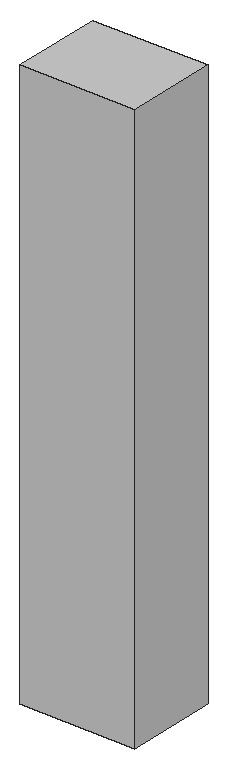
Revit family "S_结构柱", category 结构柱, Revit 2018
Family settings
  显示在隐藏视图中 = 被其他构件隐藏的边缘
  横断面形状 = 未定义
  用于模型行为的材质 = 混凝土
  始终导出为几何图形 = 否
  平面中的梁缩进 = 从边界框
  加载时剪切的空心 = 否
  符号表示法 = 从族
  共享 = 否
  在平面视图中显示族的预剪切 = 是
Parameters (values of type "KZ1")
  混凝土强度等级 [instance] = "C30"
  柱长 [instance] = 400 mm
  柱宽 [instance] = 500 mm
  公司名称 = "hybh2020"  # constant formula
  Structural Material [instance] = 混凝土 - 现场浇注混凝土
Types (4, lengths in mm): name | 混凝土强度等级 | 柱长 | 柱宽
  KZ1 | "C30" | 400 | 500
  KZ2 | "" | 1500 | 1100
  TZ1 | "" | 1500 | 1100
  GZ1 | "" | 600 | 600
Reference planes
  plane 1: z = 0
  plane 2: x = -250
  plane 3: x = 250
  plane 4: y = 200
  plane 5: y = -200
Forms (mm)
  Extrusion 1, solid, material "混凝土 - 现场浇注混凝土" <- "Structural Material"
    sketch origin (0, 0, 0) x (1, 0, 0) y (0, 1, 0)
      loop
        line (-250, 200) -> (-250, -200) -> (250, -200) -> (250, 200) -> (-250, 200)
    from 0 to 2500
Dimensions and locks
  plane 2 to plane 3 = 500 mm
  plane 5 to plane 4 = 400 mm
  "柱长": plane 5 to plane 4
  "柱宽": plane 2 to plane 3
  aligned and locked: Extrusion 1 sketch curve to plane 4
  aligned and locked: Extrusion 1 sketch curve to plane 5
  aligned and locked: Extrusion 1 sketch curve to plane 2
  aligned and locked: plane 3 to Extrusion 1 sketch curve
  aligned and locked: level to Extrusion 1
  aligned and locked: level to plane 1
  aligned and locked: Extrusion 1 to plane 1
